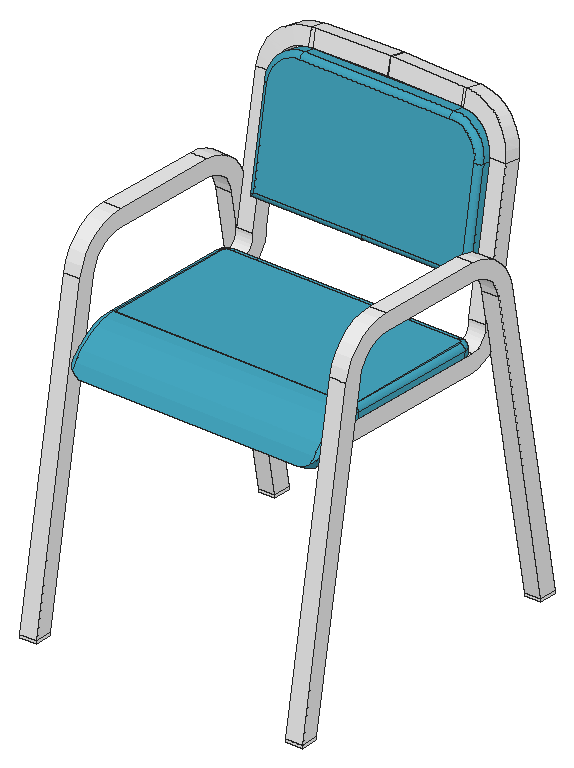
Revit family
Parameters (values of type "NIN0-SA")
  Width = 20 1/4"
  Weight (lbs) = 11
  Warranties = "7 Year Warranty"  # constant formula
  URL = "www.emeco.net"
  Trolly for tow Stacks = "Yes"  # constant formula
  Stackable = "Stacks 6 High"  # constant formula
  Spinneybeck Volo Leather = "N/A"  # constant formula
  Sound Attenuation Pad = ""
  Soft Back Visibility = yes
  Seat Material = "EMECO-Soft Polyurethane"  # constant formula
  Seat Height = 18 1/2"
  Seat & Back Finish Option [instance] = Emeco-Shared-Seat_Back-NIN0-A : Blue
  Product Name = "Nine-0™ Armchair"  # constant formula
  Outdoor Warranty = "5 Year Warranty except Hand Polished Frame Finish"  # constant formula
  Open Back Visibility = no
  Model = "NIN0-SA"
  Manufacturer = "Emeco"  # constant formula
  Integrated Felt Glide = "Yes"  # constant formula
  Height = 31 1/2"
  Glides = EMECO-Lexan® Glides
  Frame Material = "EMECO-Recycled Aluminum"  # constant formula
  Frame Finish Option = "EMECO-Hand Brushed or Hand Polished"  # constant formula
  Fire Retardant Seat Pad = "N/A"  # constant formula
  Fire Retardant = "Certified Acc To Bs And Cal133"  # constant formula
  Depth = 22 1/4"
  Created by = "Contino"  # constant formula
  Collaborator = "Ettore Sottsass"  # constant formula
  Bar Back Visibility = no
  Back Material = "EMECO-Soft Polyurethane"
  BIFMA = "Yes"  # constant formula
  Assembly Code = "E2020200"
Types (4): name | Soft Back Visibility | Open Back Visibility | Model | Glides | Bar Back Visibility | Back Material
  (no name) | yes | no | "NIN0-SA" | EMECO-Lexan® Glides | no | "EMECO-Soft Polyurethane"
  NIN0-SA | yes | no | "NIN0-SA" | EMECO-Lexan® Glides | no | "EMECO-Soft Polyurethane"
  NIN0-3A | no | no | "NIN0-3A" | none | yes | "EMECO-Recycled Aluminum"
  NIN0-OA | no | yes | "NIN0-OA" | EMECO-Lexan® Glides | no | "EMECO-Recycled Aluminum"
Reference planes (in)
  plane 1 "Center Front/Back": y = -0.21339
  plane 2: z = 0
  plane 3 "Center Left/Right": x = 0
  plane 4 "Top 2": z = 31.5
  plane 5 "Left 1": x = -10.125
  plane 6 "Front 1": y = -22.25275
  plane 7 "Right 1": x = 10.125
  plane 8 "Top 1": z = 18.5
  plane 9 "Back 1": y = -0.00275
Forms (in)
  Extrusion 1, solid, material "EMECO-Hand Brushed"
    sketch origin (0, 0, 0) x (0, 1, 0) y (0, 0, 1)
      loop
        line (-22.2187, 0.1875) -> (-21.01828, 0.1875) -> (-17.18475, 21.29481)
        arc (-17.18475, 21.29481) -> (-16.34998, 22.70617) -> (-14.79751, 23.23405) r 2.3622
        line (-14.79751, 23.23405) -> (-7.10361, 23.02858)
        arc (-7.10361, 23.02858) -> (-5.62885, 22.4603) -> (-4.84249, 21.08934) r 2.3622
        line (-4.84249, 21.08934) -> (-1.04629, 0.1875) -> (0.15414, 0.1875) -> (-3.6804, 21.3004)
        arc (-3.6804, 21.3004) -> (-4.85994, 23.35683) -> (-7.07208, 24.20927) r 3.54331
        line (-7.07208, 24.20927) -> (-14.76598, 24.41473)
        arc (-14.76598, 24.41473) -> (-17.09468, 23.62292) -> (-18.34685, 21.50587) r 3.54331
        line (-18.34685, 21.50587) -> (-22.2187, 0.1875)
    from 8.85827 to 10.03937
  Extrusion 2, solid, material "EMECO-Hand Brushed"
    sketch origin (0, 0, 0) x (0, 1, 0) y (0, 0, -1)
      loop
        line (-22.2187, -0.1875) -> (-18.34685, -21.50587)
        arc (-18.34685, -21.50587) -> (-17.09468, -23.62292) -> (-14.76598, -24.41473) r 3.54331
        line (-14.76598, -24.41473) -> (-7.07208, -24.20927)
        arc (-7.07208, -24.20927) -> (-4.85994, -23.35683) -> (-3.6804, -21.3004) r 3.54331
        line (-3.6804, -21.3004) -> (0.15414, -0.1875) -> (-1.04629, -0.1875) -> (-4.84249, -21.08934)
        arc (-4.84249, -21.08934) -> (-5.62885, -22.4603) -> (-7.10361, -23.02858) r 2.3622
        line (-7.10361, -23.02858) -> (-14.79751, -23.23405)
        arc (-14.79751, -23.23405) -> (-16.34998, -22.70617) -> (-17.18475, -21.29481) r 2.3622
        line (-17.18475, -21.29481) -> (-21.01828, -0.1875) -> (-22.2187, -0.1875)
    from 8.85827 to 10.03937
  Extrusion 3, solid, material "EMECO-Hand Brushed"
    sketch origin (0, 4.48744, 21.11542) x (0, -0.991254, 0.13197) y (1, 0, 0)
      loop
        line (7.41949, -7.67717) -> (8.17833, -7.67717)
        arc (8.17833, -7.67717) -> (7.58526, 0) -> (8.17833, 7.67717) r 49.98559
        line (8.17833, 7.67717) -> (7.41949, 7.67717)
        arc (7.41949, 7.67717) -> (6.82633, 0) -> (7.41949, -7.67717) r 49.97852
    from -0.84317 to 0
  Extrusion 4, solid, material "EMECO-Hand Brushed", visible <- "Bar Back Visibility"
    sketch origin (0, 0.60223, 0.32398) x (0, 0.999441, 0.033443) y (0, -0.033443, 0.999441)
      loop
        line (-0.95486, 30.88662) -> (-2.76594, 21.48966) -> (-2.38209, 21.40095) -> (-0.57341, 30.78549) -> (-0.95486, 30.88662)
    from 2.16535 to 3.34646
  Extrusion 5, solid, material "EMECO-Hand Brushed", visible <- "Bar Back Visibility"
    sketch origin (-5.51181, 0.60223, 0.32398) x (0, 0.999441, 0.033443) y (0, -0.033443, 0.999441)
      loop
        line (-0.95486, 30.88662) -> (-2.76594, 21.48966) -> (-2.38209, 21.40095) -> (-0.57341, 30.78549) -> (-0.95486, 30.88662)
    from 2.16535 to 3.34646
  Extrusion 6, solid, material "EMECO-Hand Brushed", visible <- "Bar Back Visibility"
    sketch origin (-2.75591, 0.60223, 0.32398) x (0, 0.999441, 0.033443) y (0, -0.033443, 0.999441)
      loop
        line (-0.88802, 30.8689) -> (-2.69868, 21.47411) -> (-2.31483, 21.3854) -> (-0.50657, 30.76776) -> (-0.88802, 30.8689)
    from 2.16535 to 3.34646
  Extrusion 7, solid, material "EMECO-Hand Brushed"
    sketch origin (0, 0, 0) x (0, 1, 0) y (0, 0, 1)
      loop
        line (-17.15085, 16.57085) -> (-17.12689, 17.46821)
        arc (-17.12689, 17.46821) -> (-17.76607, 17.10409) -> (-18.30335, 16.60163) r 3.14961
        line (-18.30335, 16.60163) -> (-17.15085, 16.57085)
      loop
        line (-6.739, 17.47433) -> (-6.77053, 16.29365) -> (-5.58985, 16.26212) -> (-5.55832, 17.4428) -> (-6.739, 17.47433)
    from -7.67717 to 7.67717
  Extrusion 8, void
    sketch origin (0, -0.05414, -0.02281) x (0, 1, 0) y (0, 0, 1)
      loop
        line (-18.61898, 16.56058) -> (-18.35013, 16.56058)
        arc (-18.35013, 16.56058) -> (-17.21317, 17.44575) -> (-15.80097, 17.73192) r 3.14961
        line (-15.80097, 17.73192) -> (-15.80097, 18.22149) -> (-18.61898, 18.22149) -> (-18.61898, 16.56058)
    from -9.8016 to 9.88092
  Extrusion 9, solid, material "EMECO-Lexan® Glides" <- "Glides"
    sketch origin (0, -22.25275, 0) x (-1, 0, 0) y (0, 0, 1)
      loop
        line (10.03937, 0.1875) -> (8.85827, 0.1875) -> (8.85827, 0) -> (10.03937, 0) -> (10.03937, 0.1875)
      loop
        line (-10.03937, 0.1875) -> (-10.03937, 0) -> (-8.85827, 0) -> (-8.85827, 0.1875) -> (-10.03937, 0.1875)
    from 0.03405 to 1.23448
  Extrusion 10, solid, material "EMECO-Lexan® Glides" <- "Glides"
    sketch origin (0.03665, -1.02912, 0) x (-1, 0, 0) y (0, 0, 1)
      loop
        line (10.07602, 0.1875) -> (8.89492, 0.1875) -> (8.89492, 0) -> (10.07602, 0) -> (10.07602, 0.1875)
      loop
        line (-10.00272, 0.1875) -> (-10.00272, 0) -> (-8.82161, 0) -> (-8.82161, 0.1875) -> (-10.00272, 0.1875)
    from -0.01717 to 1.18326
  Extrusion 11, solid, material "EMECO-Hand Brushed", not visible
    sketch origin (0, 4.66534, 20.2078) x (0, -0.97437, 0.224951) y (1, 0, 0)
      loop
        line (7.41949, -7.67717) -> (8.17833, -7.67717)
        arc (8.17833, -7.67717) -> (7.58526, 0) -> (8.17833, 7.67717) r 49.98559
        line (8.17833, 7.67717) -> (7.41949, 7.67717)
        arc (7.41949, 7.67717) -> (6.82633, 0) -> (7.41949, -7.67717) r 49.97852
    from -0.84317 to 0
  Extrusion 12, solid, material "EMECO-Hand Brushed", visible <- "Bar Back Visibility", not visible
    sketch origin (0, 0, 0) x (0, 1, 0) y (0, 0, 1)
      loop
        line (-0.95486, 30.88662) -> (-2.76594, 21.48966) -> (-2.38209, 21.40095) -> (-0.57341, 30.78549) -> (-0.95486, 30.88662)
    from 2.16535 to 3.34646
  Extrusion 13, solid, material "EMECO-Hand Brushed", visible <- "Bar Back Visibility", not visible
    sketch origin (-5.51181, 0, 0) x (0, 1, 0) y (0, 0, 1)
      loop
        line (-0.95486, 30.88662) -> (-2.76594, 21.48966) -> (-2.38209, 21.40095) -> (-0.57341, 30.78549) -> (-0.95486, 30.88662)
    from 2.16535 to 3.34646
  Extrusion 14, solid, material "EMECO-Hand Brushed", visible <- "Bar Back Visibility", not visible
    sketch origin (-2.75591, 0, 0) x (0, 1, 0) y (0, 0, 1)
      loop
        line (-0.88802, 30.8689) -> (-2.69868, 21.47411) -> (-2.31483, 21.3854) -> (-0.50657, 30.76776) -> (-0.88802, 30.8689)
    from 2.16535 to 3.34646
  Sweep 15, solid, material "EMECO-Hand Brushed"
    path in 3D
      loop
        spline (0, -0.72956, 31.31846) -> (-0.44277, -0.73103, 31.31472) -> (-0.88554, -0.73372, 31.31126) -> (-1.3283, -0.73761, 31.30807) -> (-1.77105, -0.74273, 31.30515) -> (-2.21378, -0.74906, 31.30249) -> (-2.6565, -0.7566, 31.30011) -> (-3.09919, -0.76536, 31.298) -> (-3.54186, -0.77533, 31.29616) -> (-3.9845, -0.78652, 31.29458) -> (-4.42711, -0.79893, 31.29328) -> (-4.86968, -0.81255, 31.29225) -> (-5.31221, -0.82738, 31.29149)
        line (-5.31221, -0.82738, 31.29149) -> (-5.56018, -0.83603, 31.29114)
        arc (-5.56018, -0.83603, 31.29114) -> (-7.90141, -1.0965, 30.3318) -> (-8.85827, -1.56166, 28.02147) r 3.32601
        line (-8.85827, -1.56166, 28.02147) -> (-8.85827, -3.30951, 18.66781)
        arc (-8.85827, -3.30951, 18.66781) -> (-8.85827, -3.97695, 16.95415) -> (-8.85827, -5.67104, 16.23847) r 2.3622
        line (-8.85827, -5.67104, 16.23847) -> (-8.85827, -18.41606, 16.57882)
    profile origin (-8.85827, -12.04355, 16.40864) x (0, 0.026695, 0.999644) y (-1, 0, 0)
      loop
        line (0, 0) -> (0, -1.1811) -> (1.1811, -1.1811) -> (1.1811, 0) -> (0, 0)
  Sweep 16, solid, material "EMECO-Hand Brushed"
    path in 3D
      loop
        spline (0, -0.72956, 31.31846) -> (0.44277, -0.73103, 31.31472) -> (0.88554, -0.73372, 31.31126) -> (1.3283, -0.73761, 31.30807) -> (1.77105, -0.74273, 31.30515) -> (2.21378, -0.74906, 31.30249) -> (2.6565, -0.7566, 31.30011) -> (3.09919, -0.76536, 31.298) -> (3.54186, -0.77533, 31.29616) -> (3.9845, -0.78652, 31.29458) -> (4.42711, -0.79893, 31.29328) -> (4.86968, -0.81255, 31.29225) -> (5.31221, -0.82738, 31.29149)
        line (5.31221, -0.82738, 31.29149) -> (5.56018, -0.83603, 31.29114)
        arc (5.56018, -0.83603, 31.29114) -> (7.90141, -1.0965, 30.3318) -> (8.85827, -1.56166, 28.02147) r 3.32601
        line (8.85827, -1.56166, 28.02147) -> (8.85827, -3.30951, 18.66781)
        arc (8.85827, -3.30951, 18.66781) -> (8.85827, -3.97695, 16.95415) -> (8.85827, -5.67104, 16.23847) r 2.3622
        line (8.85827, -5.67104, 16.23847) -> (8.85827, -18.41606, 16.57882)
    profile origin (8.85827, -12.04355, 16.40864) x (0, -0.026695, -0.999644) y (1, 0, 0)
      loop
        line (0, 0) -> (-1.1811, 0) -> (-1.1811, -1.1811) -> (0, -1.1811) -> (0, 0)
Cuts and joins
  Extrusion 8 cuts Extrusion 7
  Extrusion 8 cuts Sweep 15
  Extrusion 8 cuts Sweep 16
Lines and regions (in)
  Masking region 1
    outline origin (0, 0, 0) x (1, 0, 0) y (0, 1, 0)
      loop
        line (-10.125, -0.00275) -> (-10.125, -22.25275) -> (-8.85827, -22.25275) -> (-8.85827, -18.6361)
        spline (-8.85827, -18.6361) -> (-8.85592, -18.72222) -> (-8.84875, -18.80729) -> (-8.83654, -18.89111) -> (-8.81906, -18.97305) -> (-8.7961, -19.05271) -> (-8.76735, -19.1295) -> (-8.73259, -19.20261) -> (-8.69157, -19.27126) -> (-8.64416, -19.33422) -> (-8.59031, -19.39033) -> (-8.5304, -19.43784) -> (-8.4646, -19.47619)
        spline (-8.4646, -19.47619) -> (-8.40376, -19.50225) -> (-8.33955, -19.5262) -> (-8.27221, -19.54796) -> (-8.20203, -19.56743) -> (-8.1293, -19.58454) -> (-8.0543, -19.59922) -> (-7.97735, -19.6114) -> (-7.89875, -19.62105) -> (-7.81884, -19.62811) -> (-7.73792, -19.63256) -> (-7.65634, -19.63438) -> (-7.57443, -19.63356)
        line (-7.57443, -19.63356) -> (7.58289, -19.63356)
        spline (7.58289, -19.63356) -> (7.66403, -19.63217) -> (7.74481, -19.62854) -> (7.82491, -19.62269) -> (7.90399, -19.61463) -> (7.98175, -19.6044) -> (8.05788, -19.59204) -> (8.13206, -19.5776) -> (8.20402, -19.56115) -> (8.27344, -19.54273) -> (8.34007, -19.52243) -> (8.40363, -19.50033) -> (8.46387, -19.47652)
        spline (8.46387, -19.47652) -> (8.52979, -19.43886) -> (8.58976, -19.39185) -> (8.64371, -19.3355) -> (8.69119, -19.27257) -> (8.73229, -19.20376) -> (8.76715, -19.13048) -> (8.79598, -19.05348) -> (8.81901, -18.97361) -> (8.83652, -18.89142) -> (8.84875, -18.80745) -> (8.85592, -18.72228) -> (8.85827, -18.6361)
        line (8.85827, -18.6361) -> (8.85827, -22.25275) -> (10.125, -22.25275) -> (10.125, -0.00275) -> (8.85827, -0.00275) -> (8.85827, -0.96723)
        spline (8.85827, -0.96723) -> (8.82958, -0.87251) -> (8.75071, -0.77945) -> (8.62346, -0.68946) -> (8.44966, -0.60395) -> (8.23211, -0.52428) -> (7.97486, -0.45163) -> (7.68249, -0.3871) -> (7.35999, -0.33163) -> (7.01299, -0.28597) -> (6.64744, -0.25078) -> (6.26954, -0.22651) -> (5.88585, -0.21339)
        line (5.88585, -0.21339) -> (-5.88585, -0.21339)
        spline (-5.88585, -0.21339) -> (-6.26954, -0.22651) -> (-6.64744, -0.25078) -> (-7.01299, -0.28597) -> (-7.35999, -0.33163) -> (-7.68249, -0.3871) -> (-7.97486, -0.45163) -> (-8.23211, -0.52428) -> (-8.44966, -0.60395) -> (-8.62346, -0.68946) -> (-8.75071, -0.77945) -> (-8.82958, -0.87251) -> (-8.85827, -0.96723)
        line (-8.85827, -0.96723) -> (-8.85827, -0.00275) -> (-10.125, -0.00275)
      loop
        line (-7.67717, -5.54611) -> (7.67717, -5.54611) -> (7.67717, -2.21636)
        spline (7.67717, -2.21636) -> (7.65733, -2.14928) -> (7.60114, -2.0826) -> (7.50953, -2.01744) -> (7.38402, -1.95489) -> (7.22672, -1.89599) -> (7.04026, -1.84174) -> (6.82776, -1.79304) -> (6.59277, -1.75071) -> (6.33923, -1.71544) -> (6.07136, -1.68784) -> (5.79366, -1.66836) -> (5.51076, -1.65733)
        line (5.51076, -1.65733) -> (-5.51076, -1.65733)
        spline (-5.51076, -1.65733) -> (-5.79366, -1.66836) -> (-6.07136, -1.68784) -> (-6.33923, -1.71544) -> (-6.59277, -1.75071) -> (-6.82776, -1.79304) -> (-7.04026, -1.84174) -> (-7.22672, -1.89599) -> (-7.38402, -1.95489) -> (-7.50953, -2.01744) -> (-7.60114, -2.0826) -> (-7.65733, -2.14928) -> (-7.67717, -2.21636)
        line (-7.67717, -2.21636) -> (-7.67717, -5.54611)
  Masking region 2
    outline origin (0, 0, 0) x (0, 1, 0) y (0, 0, 1)
      loop
        line (-18.03842, 16.59455) -> (-5.69669, 16.26497)
        arc (-5.69669, 16.26497) -> (-4.86014, 16.39435) -> (-4.12292, 16.81035) r 2.3622
        line (-4.12292, 16.81035) -> (-1.22051, 0) -> (-0.00275, 0) -> (-3.10389, 17.96136) -> (-2.6363, 21.08062) -> (-2.13074, 21.00483) -> (-2.00574, 21.83869) -> (-2.50498, 21.91353) -> (-0.79455, 31.23983) -> (-1.95562, 31.45276) -> (-3.68672, 22.01376)
        arc (-3.68672, 22.01376) -> (-4.77101, 23.46604) -> (-6.43159, 24.19216) r 3.54331
        line (-6.43159, 24.19216) -> (-14.76598, 24.41473)
        arc (-14.76598, 24.41473) -> (-17.09468, 23.62292) -> (-18.34685, 21.50587) r 3.54331
        line (-18.34685, 21.50587) -> (-19.21152, 16.74497)
        arc (-19.21152, 16.74497) -> (-19.44168, 16.38328) -> (-19.63356, 15.99991) r 4.17844
        line (-19.63356, 15.99991) -> (-19.36633, 15.89261) -> (-22.25275, 0) -> (-21.05233, 0) -> (-18.03842, 16.59455)
      loop
        line (-15.79193, 18.50228) -> (-5.93673, 18.2391)
        arc (-5.93673, 18.2391) -> (-5.66835, 18.12793) -> (-5.55718, 17.85955) r 0.37955
        line (-5.55718, 17.85955) -> (-5.55718, 17.44771)
        arc (-5.55718, 17.44771) -> (-4.70884, 17.89164) -> (-4.46824, 18.81839) r 1.1811
        line (-4.46824, 18.81839) -> (-4.84249, 21.08934)
        arc (-4.84249, 21.08934) -> (-5.62885, 22.4603) -> (-7.10361, 23.02858) r 2.3622
        line (-7.10361, 23.02858) -> (-14.79751, 23.23405)
        arc (-14.79751, 23.23405) -> (-16.34998, 22.70617) -> (-17.18475, 21.29481) r 2.3622
        line (-17.18475, 21.29481) -> (-17.78217, 18.00545)
        arc (-17.78217, 18.00545) -> (-16.81801, 18.3779) -> (-15.79193, 18.50228) r 4.17844
  Masking region 3
    outline origin (0, -22.25275, 0) x (-1, 0, 0) y (0, 0, 1)
      loop
        line (8.85827, 24.41698) -> (8.85827, 28.26508)
        arc (8.85827, 28.26508) -> (7.87382, 30.58957) -> (5.51935, 31.5) r 3.23654
        line (5.51935, 31.5) -> (-5.51935, 31.5)
        arc (-5.51935, 31.5) -> (-7.87382, 30.58957) -> (-8.85827, 28.26508) r 3.23654
        line (-8.85827, 28.26508) -> (-8.85827, 24.41604) -> (-10.125, 24.41604) -> (-10.125, 0) -> (-8.85827, 0) -> (-8.85827, 16.67998)
        arc (-8.85827, 16.67998) -> (-8.61591, 16.06808) -> (-8.075, 15.69315) r 1.13642
        line (-8.075, 15.69315) -> (8.075, 15.69315)
        arc (8.075, 15.69315) -> (8.60494, 16.07679) -> (8.85827, 16.67998) r 1.212
        line (8.85827, 16.67998) -> (8.85827, 0) -> (10.125, 0) -> (10.125, 24.41698) -> (8.85827, 24.41698)
      loop
        line (7.67717, 18.5) -> (7.67717, 28.37254)
        arc (7.67717, 28.37254) -> (6.98397, 29.78192) -> (5.52034, 30.35168) r 2.1648
        line (5.52034, 30.35168) -> (-5.52034, 30.35168)
        arc (-5.52034, 30.35168) -> (-6.98255, 29.78323) -> (-7.67683, 28.3764) r 2.1648
        line (-7.67683, 28.3764) -> (-7.67683, 18.5) -> (7.67717, 18.5)
  Masking region 4, visible <- "Bar Back Visibility"
    outline origin (0, 0, 0) x (1, 0, 0) y (0, 1, 0)
      loop
        spline (7.67717, -2.56399) -> (7.31805, -2.5109) -> (6.95855, -2.46035) -> (6.59868, -2.41235) -> (6.23846, -2.3669) -> (5.87791, -2.324) -> (5.51706, -2.28365) -> (5.15591, -2.24586) -> (4.79448, -2.21063) -> (4.43281, -2.17796) -> (4.0709, -2.14785) -> (3.70878, -2.1203) -> (3.34646, -2.09532)
        line (3.34646, -2.09532) -> (3.34646, -1.55142) -> (2.16535, -1.55142) -> (2.16535, -2.03176)
        spline (2.16535, -2.03176) -> (2.03418, -2.02639) -> (1.90299, -2.02135) -> (1.77179, -2.01665) -> (1.64058, -2.01228) -> (1.50936, -2.00825) -> (1.37812, -2.00455) -> (1.24688, -2.00119) -> (1.11563, -1.99817) -> (0.98437, -1.99548) -> (0.8531, -1.99313) -> (0.72183, -1.99111) -> (0.59055, -1.98943)
        line (0.59055, -1.98943) -> (0.59055, -1.55142) -> (-0.59055, -1.55142) -> (-0.59055, -1.98943)
        spline (-0.59055, -1.98943) -> (-0.72183, -1.99111) -> (-0.8531, -1.99313) -> (-0.98437, -1.99548) -> (-1.11563, -1.99817) -> (-1.24688, -2.00119) -> (-1.37812, -2.00455) -> (-1.50936, -2.00825) -> (-1.64058, -2.01228) -> (-1.77179, -2.01665) -> (-1.90299, -2.02135) -> (-2.03418, -2.02639) -> (-2.16535, -2.03176)
        line (-2.16535, -2.03176) -> (-2.16535, -1.55142) -> (-3.34646, -1.55142) -> (-3.34646, -2.09532)
        spline (-3.34646, -2.09532) -> (-3.70878, -2.1203) -> (-4.0709, -2.14785) -> (-4.43281, -2.17796) -> (-4.79448, -2.21063) -> (-5.15591, -2.24586) -> (-5.51706, -2.28365) -> (-5.87791, -2.324) -> (-6.23846, -2.3669) -> (-6.59868, -2.41235) -> (-6.95855, -2.46035) -> (-7.31805, -2.5109) -> (-7.67717, -2.56399)
        line (-7.67717, -2.56399) -> (-7.67717, -3.49306)
        spline (-7.67717, -3.49306) -> (-6.4054, -3.31673) -> (-5.1294, -3.1723) -> (-3.85002, -3.05986) -> (-2.56809, -2.9795) -> (-1.28447, -2.93126) -> (0, -2.91518) -> (1.28447, -2.93126) -> (2.56809, -2.9795) -> (3.85002, -3.05986) -> (5.1294, -3.1723) -> (6.4054, -3.31673) -> (7.67717, -3.49306)
        line (7.67717, -3.49306) -> (7.67717, -2.56399)
  Masking region 5, visible <- "Open Back Visibility"
    outline origin (0, 0, 0) x (1, 0, 0) y (0, 1, 0)
      loop
        spline (7.67717, -2.56399) -> (6.4054, -2.38764) -> (5.12941, -2.24319) -> (3.85002, -2.13074) -> (2.5681, -2.05037) -> (1.28447, -2.00212) -> (0, -1.98603) -> (-1.28447, -2.00212) -> (-2.5681, -2.05037) -> (-3.85002, -2.13074) -> (-5.12941, -2.24319) -> (-6.4054, -2.38764) -> (-7.67717, -2.56399)
        line (-7.67717, -2.56399) -> (-7.67717, -3.49305)
        arc (-7.67717, -3.49305) -> (0, -2.91516) -> (7.67717, -3.49305) r 51.28338
        line (7.67717, -3.49305) -> (7.67717, -2.56399)
  Masking region 6, visible <- "Bar Back Visibility"
    outline origin (0, -22.25275, 0) x (-1, 0, 0) y (0, 0, 1)
      loop
        line (5.52034, 30.35168) -> (-5.52034, 30.35168)
        arc (-5.52034, 30.35168) -> (-7.11627, 29.64954) -> (-7.67694, 27.99859) r 2.1648
        arc (-7.67694, 27.99859) -> (-7.01672, 29.45835) -> (-5.52747, 30.04905) r 2.1371
        line (-5.52747, 30.04905) -> (-3.34646, 30.04905) -> (-3.34646, 21.93934)
        spline (-3.34646, 21.93934) -> (-3.70878, 21.94511) -> (-4.0709, 21.95147) -> (-4.43281, 21.95842) -> (-4.79448, 21.96596) -> (-5.1559, 21.97409) -> (-5.51705, 21.98281) -> (-5.87791, 21.99213) -> (-6.23846, 22.00203) -> (-6.59868, 22.01252) -> (-6.95855, 22.0236) -> (-7.31805, 22.03527) -> (-7.67717, 22.04753)
        line (-7.67717, 22.04753) -> (-7.67717, 21.05526)
        spline (-7.67717, 21.05526) -> (-6.4054, 21.01455) -> (-5.12941, 20.9812) -> (-3.85002, 20.95524) -> (-2.5681, 20.93668) -> (-1.28447, 20.92555) -> (0, 20.92183) -> (1.28447, 20.92555) -> (2.5681, 20.93668) -> (3.85002, 20.95524) -> (5.12941, 20.9812) -> (6.4054, 21.01455) -> (7.67717, 21.05526)
        line (7.67717, 21.05526) -> (7.67717, 22.04753)
        spline (7.67717, 22.04753) -> (7.31805, 22.03527) -> (6.95855, 22.0236) -> (6.59868, 22.01252) -> (6.23846, 22.00203) -> (5.87791, 21.99213) -> (5.51705, 21.98281) -> (5.1559, 21.97409) -> (4.79448, 21.96596) -> (4.43281, 21.95842) -> (4.0709, 21.95147) -> (3.70878, 21.94511) -> (3.34646, 21.93934)
        line (3.34646, 21.93934) -> (3.34646, 30.04905) -> (5.52034, 30.04905)
        arc (5.52034, 30.04905) -> (6.98712, 29.43418) -> (7.67717, 28.00122) r 2.24231
        arc (7.67717, 28.00122) -> (7.11538, 29.65052) -> (5.52034, 30.35168) r 2.1648
      loop
        line (2.16535, 30.04905) -> (0.59055, 30.04905) -> (0.59055, 21.9149)
        spline (0.59055, 21.9149) -> (0.72183, 21.91529) -> (0.8531, 21.91575) -> (0.98437, 21.91629) -> (1.11563, 21.91691) -> (1.24688, 21.91761) -> (1.37812, 21.91839) -> (1.50936, 21.91924) -> (1.64058, 21.92017) -> (1.77179, 21.92118) -> (1.90299, 21.92227) -> (2.03418, 21.92343) -> (2.16535, 21.92467)
        line (2.16535, 21.92467) -> (2.16535, 30.04905)
      loop
        line (-0.59055, 30.04905) -> (-2.16535, 30.04905) -> (-2.16535, 21.92467)
        spline (-2.16535, 21.92467) -> (-2.03418, 21.92343) -> (-1.90299, 21.92227) -> (-1.77179, 21.92118) -> (-1.64058, 21.92017) -> (-1.50936, 21.91924) -> (-1.37812, 21.91839) -> (-1.24688, 21.91761) -> (-1.11563, 21.91691) -> (-0.98437, 21.91629) -> (-0.8531, 21.91575) -> (-0.72183, 21.91529) -> (-0.59055, 21.9149)
        line (-0.59055, 21.9149) -> (-0.59055, 30.04905)
  Masking region 7, visible <- "Open Back Visibility"
    outline origin (0, -22.25275, 0) x (-1, 0, 0) y (0, 0, 1)
      loop
        spline (7.67717, 22.04753) -> (6.4054, 22.00682) -> (5.1294, 21.97347) -> (3.85002, 21.94752) -> (2.56809, 21.92896) -> (1.28447, 21.91783) -> (0, 21.91411) -> (-1.28447, 21.91783) -> (-2.56809, 21.92896) -> (-3.85002, 21.94752) -> (-5.1294, 21.97347) -> (-6.4054, 22.00682) -> (-7.67717, 22.04753)
        line (-7.67717, 22.04753) -> (-7.67717, 21.05525)
        arc (-7.67717, 21.05525) -> (0, 20.92173) -> (7.67717, 21.05525) r 220.78929
        line (7.67717, 21.05525) -> (7.67717, 22.04753)
      loop
        line (5.52034, 30.35168) -> (-5.52034, 30.35168)
        arc (-5.52034, 30.35168) -> (-7.11627, 29.64954) -> (-7.67694, 27.99859) r 2.1648
        arc (-7.67694, 27.99859) -> (-7.01672, 29.45835) -> (-5.52747, 30.04905) r 2.1371
        line (-5.52747, 30.04905) -> (5.52034, 30.04905)
        arc (5.52034, 30.04905) -> (6.98712, 29.43418) -> (7.67717, 28.00122) r 2.24231
        arc (7.67717, 28.00122) -> (7.11538, 29.65052) -> (5.52034, 30.35168) r 2.1648
  symbolic lines
    curve 1: line (-8.85827, -0.8861, 0) -> (-8.85827, -18.6361, 0)
    curve 2: line (8.85827, -18.6361, 0) -> (8.85827, -0.96723, 0)
    curve 3: line (-7.67717, -3.49306, 0) -> (-7.67717, -2.56399, 0)
    curve 4: line (7.67717, -3.49306, 0) -> (7.67717, -2.56399, 0)
    curve 5: line (-7.67717, -5.54611, 0) -> (-8.07161, -5.54611, 0)
    curve 6: arc (-8.07161, -5.54611, 0) -> (-8.62786, -5.77651, 0) -> (-8.85827, -6.33276, 0) r 0.78665
    curve 7: line (7.67717, -5.54611, 0) -> (8.07161, -5.54611, 0)
    curve 8: arc (8.07161, -5.54611, 0) -> (8.62786, -5.77651, 0) -> (8.85827, -6.33276, 0) r 0.78665
    curve 9: line (-8.85827, -2.10528, 0) -> (-5.52034, -1.2484, 0)
    curve 10: line (-5.52034, -1.2484, 0) -> (5.52034, -1.2484, 0)
    curve 11: line (5.52034, -1.2484, 0) -> (8.85827, -2.10528, 0)
    curve 12: line (-7.67717, -22.25275, 18.5) -> (-8.49463, -22.25275, 18.5)
    curve 13: arc (-8.49463, -22.25275, 18.5) -> (-8.76069, -22.25275, 18.38461) -> (-8.85827, -22.25275, 18.1115) r 0.36444
    curve 14: line (7.67717, -22.25275, 18.5) -> (8.49463, -22.25275, 18.5)
    curve 15: arc (8.49463, -22.25275, 18.5) -> (8.76069, -22.25275, 18.38461) -> (8.85827, -22.25275, 18.1115) r 0.36444
    curve 16: line (-8.85827, -22.25275, 24.41698) -> (-8.85827, -22.25275, 16.67998)
    curve 17: line (8.85827, -22.25275, 16.67998) -> (8.85827, -22.25275, 24.41604)
    curve 18: arc (-5.52034, -22.25275, 30.35168) -> (-7.11538, -22.25275, 29.65052) -> (-7.67717, -22.25275, 28.00122) r 2.1648
    curve 19: arc (5.52034, -22.25275, 30.35168) -> (7.11538, -22.25275, 29.65052) -> (7.67717, -22.25275, 28.00122) r 2.1648
    curve 20: line (5.52034, -22.25275, 30.35168) -> (-5.52034, -22.25275, 30.35168)
    curve 46: line (0, -18.03842, 16.59455) -> (0, -17.78217, 18.00545)
    curve 47: line (0, -19.36633, 15.89261) -> (0, -19.21152, 16.74497)
    curve 48: line (0, -5.55718, 17.44771) -> (0, -15.81555, 17.71672)
    curve 49: arc (0, -15.81555, 17.71672) -> (0, -16.97, 17.52979) -> (0, -17.97667, 16.93454) r 3.14961
    curve 50: line (-8.85827, -22.25275, 0.1875) -> (-10.125, -22.25275, 0.1875)
    curve 51: line (10.125, -22.25275, 0.1875) -> (8.85827, -22.25275, 0.1875)
    curve 52: line (0, -21.01828, 0.1875) -> (0, -22.2187, 0.1875)
    curve 53: line (0, -0.03513, 0.1875) -> (0, -1.25288, 0.1875)
    curve 67: line (0, -2.50498, 21.91353) -> (0, -2.6363, 21.08062)
  symbolic lines, visible <- "Bar Back Visibility"
    curve 21: spline (-7.67717, -3.30338, 0) -> (-6.4054, -3.12705, 0) -> (-5.1294, -2.98262, 0) -> (-3.85002, -2.87019, 0) -> (-2.56809, -2.78983, 0) -> (-1.28447, -2.74159, 0) -> (0, -2.72551, 0) -> (1.28447, -2.74159, 0) -> (2.56809, -2.78983, 0) -> (3.85002, -2.87019, 0) -> (5.1294, -2.98262, 0) -> (6.4054, -3.12705, 0) -> (7.67717, -3.30338, 0)
    curve 22: line (-3.34646, -2.68157, 0) -> (-2.16535, -2.68157, 0)
    curve 23: line (2.16535, -2.68157, 0) -> (3.34646, -2.68157, 0)
    curve 24: line (-0.59055, -2.6198, 0) -> (0.59055, -2.6198, 0)
    curve 25: line (-0.59055, -1.98943, 0) -> (-0.59055, -2.6198, 0)
    curve 26: line (0.59055, -2.6198, 0) -> (0.59055, -1.98943, 0)
    curve 27: line (2.16535, -2.03176, 0) -> (2.16535, -2.68157, 0)
    curve 28: line (3.34646, -2.68157, 0) -> (3.34646, -2.09532, 0)
    curve 29: line (-2.16535, -2.68157, 0) -> (-2.16535, -2.03176, 0)
    curve 30: line (-3.34646, -2.09532, 0) -> (-3.34646, -2.68157, 0)
    curve 32: line (-3.34646, -22.25275, 30.04905) -> (-3.34646, -22.25275, 30.23475)
    curve 33: line (-3.34646, -22.25275, 30.23475) -> (-2.16535, -22.25275, 30.23475)
    curve 34: line (3.34646, -22.25275, 30.04905) -> (3.34646, -22.25275, 30.23475)
    curve 35: line (2.16535, -22.25275, 30.04905) -> (2.16535, -22.25275, 30.23475)
    curve 36: line (0.59055, -22.25275, 30.04905) -> (0.59055, -22.25275, 30.23475)
    curve 37: line (-0.59055, -22.25275, 30.04905) -> (-0.59055, -22.25275, 30.23475)
    curve 38: line (-2.16535, -22.25275, 30.04905) -> (-2.16535, -22.25275, 30.23475)
    curve 39: arc (-3.34646, -22.25275, 21.93934) -> (-2.75592, -22.25275, 21.93125) -> (-2.16535, -22.25275, 21.92476) r 218.26317
    curve 40: spline (7.67717, -22.25275, 21.22597) -> (6.4054, -22.25275, 21.18526) -> (5.1294, -22.25275, 21.15191) -> (3.85002, -22.25275, 21.12596) -> (2.56809, -22.25275, 21.1074) -> (1.28447, -22.25275, 21.09627) -> (0, -22.25275, 21.09255) -> (-1.28447, -22.25275, 21.09627) -> (-2.56809, -22.25275, 21.1074) -> (-3.85002, -22.25275, 21.12596) -> (-5.1294, -22.25275, 21.15191) -> (-6.4054, -22.25275, 21.18526) -> (-7.67717, -22.25275, 21.22597)
    curve 41: line (-0.59055, -22.25275, 30.23475) -> (0.59055, -22.25275, 30.23475)
    curve 42: line (2.16535, -22.25275, 30.23475) -> (3.34646, -22.25275, 30.23475)
    curve 43: arc (-0.59055, -22.25275, 21.91526) -> (0, -22.25275, 21.91463) -> (0.59055, -22.25275, 21.91559) r 218.26317
    curve 44: arc (2.16535, -22.25275, 21.92598) -> (2.75592, -22.25275, 21.9328) -> (3.34646, -22.25275, 21.94122) r 218.26317
  symbolic lines, visible <- "Open Back Visibility"
    curve 31: spline (-7.67717, -3.30338, 0) -> (-6.4054, -3.12705, 0) -> (-5.1294, -2.98262, 0) -> (-3.85002, -2.87019, 0) -> (-2.56809, -2.78983, 0) -> (-1.28447, -2.74159, 0) -> (0, -2.72551, 0) -> (1.28447, -2.74159, 0) -> (2.56809, -2.78983, 0) -> (3.85002, -2.87019, 0) -> (5.1294, -2.98262, 0) -> (6.4054, -3.12705, 0) -> (7.67717, -3.30338, 0)
    curve 45: spline (7.67717, -22.25275, 21.22597) -> (6.4054, -22.25275, 21.18526) -> (5.1294, -22.25275, 21.15191) -> (3.85002, -22.25275, 21.12596) -> (2.56809, -22.25275, 21.1074) -> (1.28447, -22.25275, 21.09627) -> (0, -22.25275, 21.09255) -> (-1.28447, -22.25275, 21.09627) -> (-2.56809, -22.25275, 21.1074) -> (-3.85002, -22.25275, 21.12596) -> (-5.1294, -22.25275, 21.15191) -> (-6.4054, -22.25275, 21.18526) -> (-7.67717, -22.25275, 21.22597)
  symbolic lines, not visible
    curve 54: line (0, -2.65849, 21.03329) -> (0, -2.47015, 21.85516)
  sketch lines
    curve 55: line (-8.85827, -5.67104, 16.23847) -> (-8.85827, -18.41606, 16.57882)
    curve 56: arc (-8.85827, -3.30951, 18.66781) -> (-8.85827, -3.97695, 16.95415) -> (-8.85827, -5.67104, 16.23847) r 2.3622
    curve 57: line (-8.85827, -1.56166, 28.02147) -> (-8.85827, -3.30951, 18.66781)
    curve 58: arc (-5.56018, -0.83603, 31.29114) -> (-7.90141, -1.0965, 30.3318) -> (-8.85827, -1.56166, 28.02147) r 3.32601
    curve 59: spline (0, -0.72956, 31.31846) -> (-0.44277, -0.73103, 31.31472) -> (-0.88554, -0.73372, 31.31126) -> (-1.3283, -0.73761, 31.30807) -> (-1.77105, -0.74273, 31.30515) -> (-2.21378, -0.74906, 31.30249) -> (-2.6565, -0.7566, 31.30011) -> (-3.09919, -0.76536, 31.298) -> (-3.54186, -0.77533, 31.29616) -> (-3.9845, -0.78652, 31.29458) -> (-4.42711, -0.79893, 31.29328) -> (-4.86968, -0.81255, 31.29225) -> (-5.31221, -0.82738, 31.29149)
    curve 60: line (-5.31221, -0.82738, 31.29149) -> (-5.56018, -0.83603, 31.29114)
    curve 61: line (8.85827, -5.67104, 16.23847) -> (8.85827, -18.41606, 16.57882)
    curve 62: arc (8.85827, -3.30951, 18.66781) -> (8.85827, -3.97695, 16.95415) -> (8.85827, -5.67104, 16.23847) r 2.3622
    curve 63: line (8.85827, -1.56166, 28.02147) -> (8.85827, -3.30951, 18.66781)
    curve 64: arc (5.56018, -0.83603, 31.29114) -> (7.90141, -1.0965, 30.3318) -> (8.85827, -1.56166, 28.02147) r 3.32601
    curve 65: spline (0, -0.72956, 31.31846) -> (0.44277, -0.73103, 31.31472) -> (0.88554, -0.73372, 31.31126) -> (1.3283, -0.73761, 31.30807) -> (1.77105, -0.74273, 31.30515) -> (2.21378, -0.74906, 31.30249) -> (2.6565, -0.7566, 31.30011) -> (3.09919, -0.76536, 31.298) -> (3.54186, -0.77533, 31.29616) -> (3.9845, -0.78652, 31.29458) -> (4.42711, -0.79893, 31.29328) -> (4.86968, -0.81255, 31.29225) -> (5.31221, -0.82738, 31.29149)
    curve 66: line (5.31221, -0.82738, 31.29149) -> (5.56018, -0.83603, 31.29114)
Dimensions and locks (in)
  plane 4 "Top 2" to level = 31 1/2"
  level to plane 4 "Top 2" = 31 1/2"
  plane 5 "Left 1" to plane 7 "Right 1" = 20 1/4"
  plane 6 "Front 1" to plane 9 "Back 1" = 22 1/4"  (x2)
  plane 8 "Top 1" to level = 18 1/2"  (x2)
  plane 7 "Right 1" to plane 5 "Left 1" = 20 1/4"
Nested families (in)
  nested 1: "Emeco-Shared-Seat_Back-NIN0-A" at (-0.01077, -5.56461, 17.43072), Soft Back Visibility <- "Soft Back Visibility", type <- "Seat & Back Finish Option", type "Blue"
    with Soft Back Visibility yes
Definition of nested family "Emeco-Shared-Seat_Back-NIN0-A"
  Parameters (values of type "Blue")
    URL = ""
    Seat Finish = EMECO-Blue
    Model = ""
    Manufacturer = ""
    Soft Back Visibility [instance] = yes
    Back Finish = EMECO-Blue
    Assembly Code = ""
  Types (5): name | Seat Finish | Back Finish
    Blue | EMECO-Blue | EMECO-Blue
    Green | EMECO-Green | EMECO-Green
    Gray | EMECO-Grey | EMECO-Grey
    Orange | EMECO-Orange | EMECO-Orange
    Red | EMECO-Red | EMECO-Red
  Reference planes (in)
    plane 1 "Center Front/Back": y = 0
    plane 2: z = 0
    plane 3 "Center Left/Right": x = 0
    plane 4 "Top 1": z = 13.00943
  Forms (in)
    Extrusion 1, solid, material "EMECO-Blue" <- "Seat Finish"
      sketch origin (0, 5.05886, -17.85781) x (1, 0, 0) y (0, 0.999644, -0.026695)
        loop
          arc (-8.07087, -5.93086) -> (-8.34925, -6.04618) -> (-8.46457, -6.32456) r 0.3937
          line (-8.46457, -6.32456) -> (-8.46457, -15.79301) -> (8.46457, -15.79301) -> (8.46457, -6.32456)
          arc (8.46457, -6.32456) -> (8.34925, -6.04618) -> (8.07087, -5.93086) r 0.3937
          line (8.07087, -5.93086) -> (-8.07087, -5.93086)
      from 17.7164 to 18.5038
    Sweep 2, solid, material "EMECO-Blue" <- "Seat Finish"
      path origin (0, 6.04437, 0.62627) x (0, -0.999644, 0.026695) y (1, 0, 0)
        loop
          line (16.28474, 8.46457) -> (6.8129, 8.46457)
          arc (6.8129, 8.46457) -> (6.53451, 8.34925) -> (6.4192, 8.07087) r 0.3937
          line (6.4192, 8.07087) -> (6.4192, -8.07087)
          arc (6.4192, -8.07087) -> (6.53451, -8.34925) -> (6.8129, -8.46457) r 0.3937
          line (6.8129, -8.46457) -> (16.28474, -8.46457)
      profile origin (-8.46457, -5.50033, 0.93457) x (1, 0, 0) y (0, 0.026695, 0.999644)
        loop
          arc (0, 0.00009) -> (-0.27839, -0.11522) -> (-0.3937, -0.39361) r 0.3937
          line (-0.3937, -0.39361) -> (-0.3937, -0.7874) -> (0, -0.7874) -> (0, 0.00009)
    Sweep 3, solid, material "EMECO-Blue" <- "Seat Finish"
      path origin (0, 5.55709, -17.07828) x (0, 1, 0) y (0, 0, 1)
        loop
          arc (-15.78962, 18.5038) -> (-18.28795, 17.76939) -> (-19.96742, 15.77932) r 4.52347
      profile origin (0, -12.73085, 0.69111) x (0, 0.546244, -0.837626) y (1, 0, 0)
        loop
          spline (0.7206, 8.85827) -> (0.67423, 8.8549) -> (0.62865, 8.84485) -> (0.58464, 8.8283) -> (0.54297, 8.80552) -> (0.50433, 8.77691) -> (0.46939, 8.74296) -> (0.43875, 8.70424) -> (0.41293, 8.66142) -> (0.39238, 8.61523) -> (0.37744, 8.56646) -> (0.36838, 8.51596) -> (0.36534, 8.46457)
          line (0.36534, 8.46457) -> (0.36396, -8.4646)
          spline (0.36396, -8.4646) -> (0.36838, -8.51596) -> (0.37744, -8.56646) -> (0.39238, -8.61523) -> (0.41293, -8.66142) -> (0.43875, -8.70424) -> (0.46939, -8.74296) -> (0.50433, -8.77691) -> (0.54297, -8.80552) -> (0.58464, -8.8283) -> (0.62865, -8.84485) -> (0.67423, -8.8549) -> (0.7206, -8.85827)
          line (0.7206, -8.85827) -> (1.13532, -8.85827) -> (1.13532, 8.85827) -> (0.7206, 8.85827)
    Extrusion 4, void
      sketch origin (0, -15.92823, -4.5323) x (0, -0.515038, -0.857167) y (1, 0, 0)
        loop
          line (-4.88495, -8.85827) -> (-4.88495, -8.95576) -> (-3.42745, -8.95576) -> (-3.42745, -7.57454) -> (-3.60122, -7.57454)
          arc (-3.60122, -7.57454) -> (-3.97722, -8.48227) -> (-4.88495, -8.85827) r 1.28373
        loop
          arc (-4.88495, 8.85827) -> (-3.97722, 8.48227) -> (-3.60122, 7.57454) r 1.28373
          line (-3.60122, 7.57454) -> (-3.42745, 7.57454) -> (-3.42745, 8.95576) -> (-4.88495, 8.95576) -> (-4.88495, 8.85827)
      from -2.77443 to 1.75308
    Extrusion 5, solid, material "EMECO-Blue" <- "Back Finish", visible <- "Soft Back Visibility"
      sketch origin (0, -2.99585, -16.04541) x (0, -0.182104, -0.983279) y (1, 0, 0)
        loop
          line (-27.13906, -7.36207) -> (-20.55804, -7.36207) -> (-20.55804, 7.34493) -> (-27.15652, 7.34493)
          arc (-27.15652, 7.34493) -> (-28.59179, 6.75042) -> (-29.1863, 5.31514) r 2.02978
          line (-29.1863, 5.31514) -> (-29.1863, -5.31483)
          arc (-29.1863, -5.31483) -> (-28.58668, -6.76245) -> (-27.13906, -7.36207) r 2.04724
      from -1.21698 to 0
    Sweep 6, solid, material "EMECO-Blue" <- "Back Finish", visible <- "Soft Back Visibility"
      path origin (0, -2.99585, -16.04541) x (0, -0.182104, -0.983279) y (1, 0, 0)
        loop
          line (-29.1863, 5.31514) -> (-29.1863, -5.31483)
          arc (-29.1863, -5.31483) -> (-28.58668, -6.76245) -> (-27.13906, -7.36207) r 2.04724
          line (-27.13906, -7.36207) -> (-20.55804, -7.36207) -> (-20.55804, 0.34493) -> (-20.55804, 7.34493) -> (-27.15652, 7.34493)
          arc (-27.15652, 7.34493) -> (-28.59179, 6.75042) -> (-29.1863, 5.31514) r 2.02978
      profile origin (0.00016, 2.31909, 12.65287) x (0, -0.182104, -0.983279) y (0, -0.983279, 0.182104)
        loop
          arc (0, 0) -> (-0.26913, -0.12559) -> (-0.37875, -0.40161) r 0.4023
          line (-0.37875, -0.40161) -> (-0.37875, -1.21698) -> (0, -1.21698) -> (0, 0)
    Extrusion 7, solid, material "EMECO-Blue" <- "Back Finish", visible <- "Soft Back Visibility", not visible
      sketch origin (0, -2.79989, -15.65653) x (0, -0.207912, -0.978148) y (1, 0, 0)
        loop
          line (-27.13906, -7.36207) -> (-20.55804, -7.36207) -> (-20.55804, 7.34493) -> (-27.15652, 7.34493)
          arc (-27.15652, 7.34493) -> (-28.59179, 6.75042) -> (-29.1863, 5.31514) r 2.02978
          line (-29.1863, 5.31514) -> (-29.1863, -5.31483)
          arc (-29.1863, -5.31483) -> (-28.58668, -6.76245) -> (-27.13906, -7.36207) r 2.04724
      from -1.21698 to 0
    Sweep 8, solid, material "EMECO-Blue" <- "Back Finish", visible <- "Soft Back Visibility", not visible
      path origin (0, -2.79989, -15.65653) x (0, -0.207912, -0.978148) y (1, 0, 0)
        loop
          line (-29.1863, 5.31514) -> (-29.1863, -5.31483)
          arc (-29.1863, -5.31483) -> (-28.58668, -6.76245) -> (-27.13906, -7.36207) r 2.04724
          line (-27.13906, -7.36207) -> (-20.55804, -7.36207) -> (-20.55804, 0.34493) -> (-20.55804, 7.34493) -> (-27.15652, 7.34493)
          arc (-27.15652, 7.34493) -> (-28.59179, 6.75042) -> (-29.1863, 5.31514) r 2.02978
      profile origin (0.00016, 3.26828, 12.89198) x (0, -0.207912, -0.978148) y (0, -0.978148, 0.207912)
        loop
          arc (0, 0) -> (-0.26913, -0.12559) -> (-0.37875, -0.40161) r 0.4023
          line (-0.37875, -0.40161) -> (-0.37875, -1.21698) -> (0, -1.21698) -> (0, 0)
  Cuts and joins
    Extrusion 4 cuts Sweep 3
    joined: Extrusion 5, Sweep 6
  Lines and regions (in)
    Masking region 1, visible <- "Soft Back Visibility"
      outline origin (0, 0, 13.00943) x (1, 0, 0) y (0, 1, 0)
        loop
          line (-7.74082, 4.03302) -> (-7.74082, 1.06388)
          spline (-7.74082, 1.06388) -> (-7.73763, 1.01386) -> (-7.72811, 0.96524) -> (-7.71241, 0.91879) -> (-7.69078, 0.87526) -> (-7.66357, 0.83533) -> (-7.6312, 0.79963) -> (-7.59419, 0.76873) -> (-7.55312, 0.74313) -> (-7.50865, 0.72322) -> (-7.46148, 0.70933) -> (-7.41236, 0.70165) -> (-7.36207, 0.70037)
          line (-7.36207, 0.70037) -> (7.34493, 0.70037)
          spline (7.34493, 0.70037) -> (7.39553, 0.70168) -> (7.44434, 0.70933) -> (7.49149, 0.72322) -> (7.53598, 0.74313) -> (7.57702, 0.76873) -> (7.61405, 0.79963) -> (7.64639, 0.83532) -> (7.67364, 0.87526) -> (7.69523, 0.91879) -> (7.71097, 0.96524) -> (7.72043, 1.01386) -> (7.72368, 1.06388)
          line (7.72368, 1.06388) -> (7.72368, 4.03665)
          spline (7.72368, 4.03665) -> (7.70307, 4.10201) -> (7.64161, 4.16625) -> (7.54034, 4.22828) -> (7.401, 4.28703) -> (7.22596, 4.34149) -> (7.01823, 4.39074) -> (6.78137, 4.43393) -> (6.51941, 4.47032) -> (6.23685, 4.49929) -> (5.93852, 4.52035) -> (5.62952, 4.53313) -> (5.31514, 4.53741)
          line (5.31514, 4.53741) -> (-5.31483, 4.53741)
          spline (-5.31483, 4.53741) -> (-5.63148, 4.53309) -> (-5.94272, 4.52022) -> (-6.24321, 4.49901) -> (-6.52782, 4.46983) -> (-6.79168, 4.43318) -> (-7.03026, 4.38968) -> (-7.2395, 4.34007) -> (-7.4158, 4.28521) -> (-7.55615, 4.22604) -> (-7.65816, 4.16356) -> (-7.72007, 4.09885) -> (-7.74082, 4.03302)
    Masking region 2, visible <- "Soft Back Visibility"
      outline origin (0, -0.60886, -0.32064) x (0, 0.999654, 0.026311) y (0, -0.026311, 0.999654)
        loop
          line (2.586, 3.82878) -> (4.53741, 13.00943) -> (3.8038, 13.16536)
          arc (3.8038, 13.16536) -> (3.47091, 13.15626) -> (3.26828, 12.89198) r 0.38708
          line (3.26828, 12.89198) -> (1.47436, 4.45227)
          arc (1.47436, 4.45227) -> (1.53347, 4.15753) -> (1.78845, 3.9983) r 0.3794
          line (1.78845, 3.9983) -> (2.586, 3.82878)
    Masking region 3, visible <- "Soft Back Visibility"
      outline origin (0, 0, 0) x (1, 0, 0) y (0, 0, 1)
        loop
          line (-7.74082, 10.76469) -> (-7.74082, 3.57485) -> (7.72368, 3.57485) -> (7.72368, 10.81715)
          arc (7.72368, 10.81715) -> (7.02928, 12.49359) -> (5.35284, 13.18799) r 2.37084
          line (5.35284, 13.18799) -> (-5.31752, 13.18799)
          arc (-5.31752, 13.18799) -> (-7.03105, 12.47822) -> (-7.74082, 10.76469) r 2.4233
    Masking region 4, visible <- "Soft Back Visibility", not visible
      outline origin (0, 0, 0) x (0, 1, 0) y (0, 0, 1)
        loop
          line (2.586, 3.82878) -> (4.53741, 13.00943) -> (3.8038, 13.16536)
          arc (3.8038, 13.16536) -> (3.47091, 13.15626) -> (3.26828, 12.89198) r 0.38708
          line (3.26828, 12.89198) -> (1.47436, 4.45227)
          arc (1.47436, 4.45227) -> (1.53347, 4.15753) -> (1.78845, 3.9983) r 0.3794
          line (1.78845, 3.9983) -> (2.586, 3.82878)
    symbolic lines, visible <- "Soft Back Visibility"
      curve 1: line (-7.36207, 0.70071, 13.00943) -> (-7.36207, 2.84263, 13.00943)
      curve 2: spline (-7.36207, 2.84263, 13.00943) -> (-7.34456, 2.89819, 13.00943) -> (-7.29231, 2.9528, 13.00943) -> (-7.20623, 3.00552, 13.00943) -> (-7.08779, 3.05546, 13.00943) -> (-6.93902, 3.10175, 13.00943) -> (-6.76245, 3.14361, 13.00943) -> (-6.56111, 3.18032, 13.00943) -> (-6.33845, 3.21125, 13.00943) -> (-6.09827, 3.23588, 13.00943) -> (-5.84469, 3.25378, 13.00943) -> (-5.58205, 3.26464, 13.00943) -> (-5.31483, 3.26828, 13.00943)
      curve 3: line (-5.31483, 3.26828, 13.00943) -> (5.31514, 3.26828, 13.00943)
      curve 4: spline (5.31514, 3.26828, 13.00943) -> (5.58008, 3.26467, 13.00943) -> (5.84049, 3.2539, 13.00943) -> (6.09191, 3.23616, 13.00943) -> (6.33004, 3.21174, 13.00943) -> (6.5508, 3.18107, 13.00943) -> (6.75042, 3.14467, 13.00943) -> (6.92548, 3.10317, 13.00943) -> (7.07299, 3.05727, 13.00943) -> (7.19042, 3.00776, 13.00943) -> (7.27577, 2.95549, 13.00943) -> (7.32756, 2.90135, 13.00943) -> (7.34493, 2.84626, 13.00943)
      curve 5: line (7.34493, 2.84626, 13.00943) -> (7.34493, 0.7007, 13.00943)
